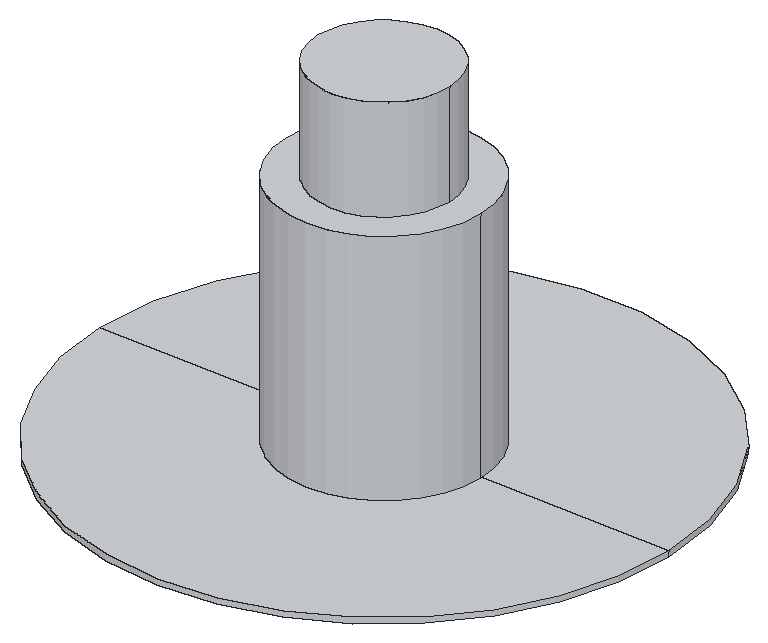
Revit family "XLQRPW FLAT ESC", category Sprinklers, Revit 2019
Family settings
  Maintain Annotation Orientation = No
  Round Connector Dimension = Use Diameter
  Part Type = Normal
  OmniClass Number = 23.85.30.21
  OmniClass Title = Environmental Detection/Registration
  Work Plane-Based = No
  Always vertical = Yes
  Cut with Voids When Loaded = No
  Shared = No
  Room Calculation Point = No
Parameters (values of type "RASCO XL QR COMMERCIAL PENDENT")
  Temperature Rating = 165 °F
  Response = Quick
  RASCO SIN # = "R4514"
  RASCO Part # = "XLQRPW"
  Pressure Rating = "175 PSI"
  Pressure Class = Standard
  Orifice Size = 7/16"
  Orifice = Standard
  Model = "XL  QR COMMERCIAL PENDENT"
  Manufacturer = "RASCO"
  K-Factor = 5.6
  Diameter = 5 5/128"
  Description = "WHITE FINISH - FLAT ESCUTCHEON"
  Coverage = Standard
Reference planes (in)
  plane 1 "Center (Front/Back)": y = 0
  plane 2: z = 0
  plane 3 "Center (Left/Right)": x = 0
Nested families (in)
  nested 1: "RASCO- XLQRPW FLAT ESC" at (0, 1.12168, 0), type "RASCO XL QR COMMERCIAL PENDENT"
Connectors (in)
  piping at (0, 1.12168, 2.509), diameter 0.8125
    settings: on nested 1, index 1, connector inside diameter 24", connector length 0' - 0", flow factor 0, pipe flow 0 GPM, pressure drop 0.00 psi, fitting loss kfactor 0, connector angle 0.00°, fixture units 0, engagement length 0' - 0", angle of deflection 0.00°, flow configuration 0, flow direction 0, fitting loss method 0, system type 7, joint type 0, gender type 0, connector reference index -1, connector utility 0, adjustable connector no, is connector primary yes, connector description ""
Definition of nested family "RASCO- XLQRPW FLAT ESC"
  Parameters (values of type "RASCO XL QR COMMERCIAL PENDENT")
    Type Comments = ""
    Temperature Rating = 0 °F
    Response = (empty or 0)
    Pressure Rating = "0"
    Pressure Class = (empty or 0)
    Orifice Size = 0"
    Orifice = (empty or 0)
    Model = ""
    Manufacturer = ""
    K-Factor = 0
    Coverage = (empty or 0)
    Assembly Code = ""
  Reference planes (in)
    plane 1 "Center (Front/Back)": y = 0
    plane 2: z = 0
    plane 3 "Center (Left/Right)": x = 0
    plane 4 "ref.2": z = 0.873
    plane 5 "ref.3": z = 1.878
    plane 6 "ref. 4": z = 0.294
    plane 7: z = 0.166
    plane 8: z = 0.363
    plane 9 "ref. 5": z = 0.06291
  Forms (in)
    Extrusion 1, solid
      sketch origin (0, 0, 0.873) x (-1, 0, 0) y (0, -1, 0)
        loop
          circle (0, 0) r 0.598
      from -0.48009 to 1.005
    Extrusion 2, solid
      sketch origin (0, 0, 1.75079) x (-1, 0, 0) y (0, -1, 0)
        loop
          circle (0, 0) r 0.405
      from 0.12721 to 0.75821
    Revolve 3, solid
      sketch origin (0.00292, 0, -0.08336) x (1, 0, 0) y (0, 0, 1)
        loop
          line (0, 0.51) -> (-1.75, 0.51) -> (-1.75, 0.47626) -> (-1.57861, 0.40351) -> (0, 0.40351) -> (0, 0.51)
        axis (0, 0.51) -> (0, 0.40351)
      angle from 0 to 360
    Extrusion 4, solid
      sketch origin (0, 0, 0.294) x (0, -1, 0) y (1, 0, 0)
        loop
          circle (0, 0) r 0.614
      from 0.069 to 0
    Revolve 5, solid
      sketch origin (0, 0, 0) x (1, 0, 0) y (0, 0, 1)
        loop
          line (-0.5, 0.294) -> (-0.20877, 0.166) -> (0, 0.166) -> (0, 0.294) -> (-0.5, 0.294)
        axis (0, 0.294) -> (0, 0.166)
      angle from 0 to 360
    Extrusion 6, solid
      sketch origin (0, 0, 0) x (1, 0, 0) y (0, 0, 1)
        loop
          line (-0.34833, 0.24105) -> (-0.37436, 0.19597)
          arc (-0.37436, 0.19597) -> (-0.38219, 0.17257) -> (-0.38025, 0.14797) r 0.06189
          line (-0.38025, 0.14797) -> (-0.35586, 0.06291) -> (-0.39443, 0.0359) -> (-0.35853, 0) -> (-0.31379, 0.03133)
          arc (-0.31379, 0.03133) -> (-0.3038, 0.04447) -> (-0.30329, 0.06097) r 0.02708
          line (-0.30329, 0.06097) -> (-0.32899, 0.15061)
          arc (-0.32899, 0.15061) -> (-0.33022, 0.16619) -> (-0.32526, 0.18101) r 0.03919
          line (-0.32526, 0.18101) -> (-0.30503, 0.21605) -> (-0.34833, 0.24105)
        loop
          line (0.34833, 0.24105) -> (0.30503, 0.21605) -> (0.32526, 0.18101)
          arc (0.32526, 0.18101) -> (0.33022, 0.16619) -> (0.32899, 0.15061) r 0.03919
          line (0.32899, 0.15061) -> (0.30329, 0.06097)
          arc (0.30329, 0.06097) -> (0.3038, 0.04447) -> (0.31379, 0.03133) r 0.02708
          line (0.31379, 0.03133) -> (0.35853, 0) -> (0.39443, 0.0359) -> (0.35586, 0.06291) -> (0.38025, 0.14797)
          arc (0.38025, 0.14797) -> (0.38219, 0.17257) -> (0.37436, 0.19597) r 0.06189
          line (0.37436, 0.19597) -> (0.34833, 0.24105)
      from -0.11113 to 0.11041
    Extrusion 7, solid
      sketch origin (-0.0518, -0.12961, 0.06291) x (-1, 0, 0) y (0, -1, 0)
        loop
          line (0.19208, -0.51961) -> (0.3692, -0.32259) -> (0.3692, 0.06101) -> (0.18997, 0.26039) -> (-0.29859, 0.26039) -> (-0.4728, 0.06659) -> (-0.4728, -0.32111) -> (-0.29435, -0.51961) -> (0.19208, -0.51961)
      from 0 to 0.012
